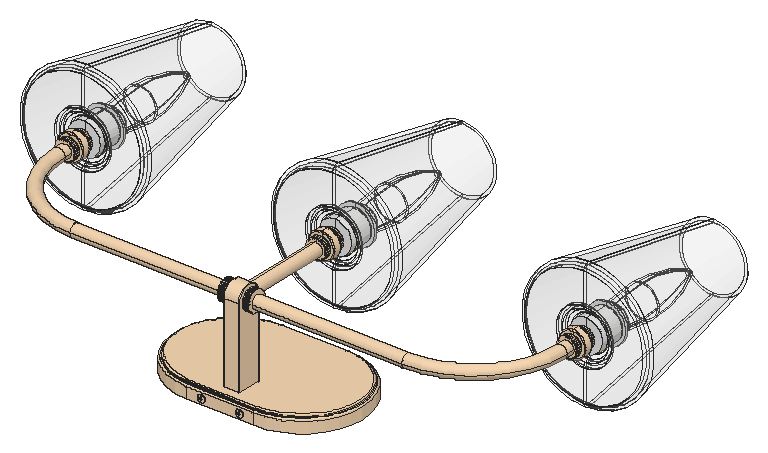
Revit family "Light_Fixture-Wall_Sconce-KOHLER-McGee-K-32257", category Lighting Fixtures, host Face, Revit 2021
Family settings
  Host = Face
  Round Connector Dimension = Use Diameter
  Part Type = Normal
  OmniClass Number = 23.35.47.11
  OmniClass Title = Lighting Fixtures
  Cut with Voids When Loaded = No
  Light Source = Yes
  Shared = No
  Room Calculation Point = No
Parameters (values of type "2GL-Brushed Modern Brass")
  Width = 6 61/256"  # constant formula
  Wattage Comments = "120W"  # constant formula
  Wattage = 40 W
  WaterSense Certified = 1 = 0  # no
  built-in parameter 1150110 = 1 (stored number, unit not read)
  Voltage = 120 V  # constant formula
  URL = "https://www.us.kohler.com/us/"
  Type = 4
  built-in parameter 1114217 = 1 (stored number, unit not read)
  built-in parameter 1150109 = 1 (stored number, unit not read)
  built-in parameter 1150134 = 1
  built-in parameter 1150113 = 1 (stored number, unit not read)
  Product Page URL = "http://www.us.kohler.com/us/catalog/productDetails.jsp?productNumber=32257-SC03"
  Product Name = "McGee"  # constant formula
  Product Documentation Link = "https://www.us.kohler.com/webassets/kpna/catalog/pdf/en/K-32257-SC03_spec_US-CA_Kohler_en.pdf"
  Model = if(Type = 1, "K-32257-SC03-CPL", if(Type = 2, "K-32257-SC03-BNL", if(Type = 3, "K-32257-SC03-BLL", if(Type = 4, "K-32257-SC03-2GL", if(Type = 5, "K-32257-SC03-SNL", "NA")))))  # "K-32257-SC03-2GL"
  Material = "Premium Metal Construction"  # constant formula
  Master Format 2014 Name = "Interior Lighting Fixtures, Lamps, And Ballasts"  # constant formula
  Master Format 2014 = "26 51 13"  # constant formula
  Manufacturer Address = "444 Highland Dr, Kohler, WI 53044"  # constant formula
  Manufacturer = "Kohler Co."  # constant formula
  built-in parameter 1150105 = 63.662 (stored number, unit not read)
  Lumens = 800 lm
  built-in parameter 1150115 = 1 (stored number, unit not read)
  Light Source Symbol Size = 3"  # constant formula
  built-in parameter 1150137 = (empty or 0)
  built-in parameter 1150139 = (empty or 0)
  Length = 24 213/256"  # constant formula
  built-in parameter 1150112 = 1 (stored number, unit not read)
  built-in parameter 1150114 = 1 (stored number, unit not read)
  Lamp = "3*E12 Type B 40W"  # constant formula
  built-in parameter 1150132 = (empty or 0)
  built-in parameter 1150102 = (empty or 0)
  built-in parameter 1150107 = 6500 (stored number, unit not read)
  built-in parameter 1150138 = (empty or 0)
  built-in parameter 1150106 = 0.63662 (stored number, unit not read)
  Height = 11 229/256"  # constant formula
  Hardware Included = 0 = 1  # no
  Finish = KOHLER-Metal-2GL-Brushed_Modern_Brass
  Environmental Product Declaration = ""
  Emit from Line Length = 2"
  Electrical Note = "One Dedicated Cicuit Required"  # constant formula
  Electrical Connector = 1 = 1  # yes
  built-in parameter 1150104 = 1.8581 (stored number, unit not read)
  Dimming Lamp Color Temperature Shift = Incandescent Lamp Curve
  Description = "Cone 3-Light Sconce"  # constant formula
  Default Elevation = 60"
  Declare Label = ""
  Date Modified = "04/10/2023"  # constant formula
  Date Created = "04/10/2023"  # constant formula
  Copyright = "Copyright Kohler Co."  # constant formula
  Contact Us = "https://www.us.kohler.com/us/static/contact.jsp"
  Color Filter = 16777215
  built-in parameter 1114218 = 1 (stored number, unit not read)
  built-in parameter 1150133 = 10 (stored number, unit not read)
  Assembly Code = "D5040.50"
  Apparent Load = 120 VA  # constant formula
  ADA Compliant = 1 = 0  # no
Reference planes (in)
  plane 1 "Center (Front/Back)": y = 0
  plane 2: z = 0
  plane 3 "Center (Left/Right)": x = 0
  plane 4: z = 3.68447
  plane 5: z = 6.23828
  plane 6: z = 1.12797
  plane 7: x = -9.86091
  plane 8: x = 9.86202
  plane 9: y = 3.13383
  plane 10: y = 7.47944
  plane 11: y = 9.51179
  plane 12: x = -12.41603
  plane 13: x = 12.41601
  plane 14: y = -2.38274
  plane 15: y = 2.38189
  plane 16: x = -7.30579
  plane 17: x = 7.30577
  plane 18: y = -1.37795
  plane 19: x = 2.55399
  plane 20: x = -2.55625
  plane 21: x = 3.70155
  plane 22: x = -3.70155
Dimensions and locks (in)
  "Width": level to plane 5
  locked: plane 6 to plane 5 at 5.11031
  level to plane 4 = 3.68447"
  "Height": plane 14 to plane 11
  plane 12 to plane 16 = 5.11024"
  plane 17 to plane 13 = 5.11024"
  plane 9 to plane 11 = 6.37795"
  plane 15 to plane 14 = 4.76463"
  "Length": plane 12 to plane 13
  plane 20 to plane 19 = 5.11024"
  aligned and locked: plane 2 to host face
  aligned and locked: level to host face
  aligned and locked: nested 2 to plane 4
  aligned and locked: imposter light to plane 4
  aligned and locked: nested 1 to plane 3 "Center (Left/Right)"
  aligned and locked: nested 1 to plane 1 "Center (Front/Back)"
  aligned and locked: plane 7 to nested 2
  aligned and locked: nested 3 to plane 8
  aligned and locked: nested 2 to plane 9
  aligned and locked: plane 9 to nested 3
  aligned and locked: imposter light to plane 7
  aligned and locked: imposter light to plane 10
  aligned and locked: plane 4 to nested 1
  aligned and locked: plane 4 to nested 3
  aligned and locked: nested 4 to plane 8
  aligned and locked: nested 4 to plane 4
  aligned and locked: plane 8 to nested 1
  aligned and locked: plane 3 "Center (Left/Right)" to nested 5
  aligned and locked: plane 9 to nested 5
  aligned and locked: plane 3 "Center (Left/Right)" to nested 6
  aligned and locked: plane 10 to nested 5
  aligned and locked: plane 10 to nested 3
  aligned and locked: nested 2 to plane 10
  aligned and locked: plane 10 to imposter light
Automatic sketch dimensions
  host sketch curve to host sketch curve = 96"  (x2)
Nested families (in)
  nested 1: "K-32257_Handle" at (2.25299, -1.37795, 0) x (0, 1, 0) z (0, 0, 1), type "K-32257_Handle"
  nested 2: "K-32257" at (-9.86091, 2.31079, 3.68447), type "K-32257"
  nested 3: "K-32257" at (9.86202, 2.31079, 3.68447) x (-1, 0, 0) z (0, 0, 1), type "K-32257"
  nested 4: "Light_Source" at (9.86202, 6.48195, 3.68447), type "Light_Source"
    with Wattage 40 W, Lumens 800 lm, Light Source Symbol Size 3", Emit from Line Length 2", Color Filter 16777215
  nested 5: "K-32257" at (0, 2.31079, 3.68447) x (-1, 0, 0) z (0, 0, 1), type "K-32257"
  nested 6: "Light_Source" at (0, 6.48195, 3.68447), type "Light_Source"
    with Wattage 40 W, Lumens 800 lm, Light Source Symbol Size 3", Emit from Line Length 2", Color Filter 16777215
Connectors (in)
  electrical at (0, 0, 0), driven by "Voltage", driven by "Apparent Load", driven by "Electrical Connector", driven by "Electrical Note"
    settings: on nested 1, index 1, voltage 120 V, apparent load 120 VA, apparent load phase1 0 VA, apparent load phase2 0 VA, apparent load phase3 0 VA, power factor 1, load classification "Power", number of poles 1, system type 30, power factor state 1, is connector primary yes, connector utility yes, sub classification motor no, connector description "One Dedicated Cicuit Required"
Definition of nested family "K-32257_Handle"
  Parameters (values of type "K-32257_Handle")
    Material = none
    Default Elevation = 0"
  Reference planes (in)
    plane 1 "Center (Front/Back)": y = 0
    plane 2: z = 0
    plane 3 "Center (Left/Right)": x = 0
    plane 4: z = 3.68447
    plane 5 "B": y = 2.25299
    plane 6: x = 1.37795
    plane 7: y = -7.60903
    plane 8 "A": y = 12.1139
    plane 9: x = 4.51179
    plane 10: z = 4.19351
    plane 11: z = 3.17543
    plane 12: z = 0.59091
    plane 13: x = -1.00394
    plane 14: x = 3.75984
    plane 15: y = 12.62687
    plane 16: y = 11.60093
    plane 17: y = -8.122
    plane 18: y = -7.09605
    plane 19: y = 5.95454
    plane 20: y = -1.44855
  Forms (in)
    Sweep 1, solid, material <- "Material", detail levels medium+fine
      path origin (0, 2.55906, 0) x (1, 0, 0) y (0, 1, 0)
        loop
          line (-1.00394, 1.01359) -> (-1.00394, -1.60369)
          arc (-1.00394, -1.60369) -> (1.37795, -3.98558) -> (3.75984, -1.60369) r 2.38189
          line (3.75984, -1.60369) -> (3.75984, 1.01359)
          arc (3.75984, 1.01359) -> (1.37795, 3.39548) -> (-1.00394, 1.01359) r 2.38189
      profile origin (-1.00394, 2.264, 0) x (1, 0, 0) y (0, 0, 1)
        loop
          line (0, 0) -> (0.20928, 0) -> (0.20928, 0.59055) -> (0.16464, 0.59055)
          arc (0.16464, 0.59055) -> (0.13165, 0.57689) -> (0.11799, 0.5439) r 0.04665
          line (0.11799, 0.5439) -> (0.11799, 0.51233)
          arc (0.11799, 0.51233) -> (0.11222, 0.4984) -> (0.09829, 0.49263) r 0.0197
          line (0.09829, 0.49263) -> (0.06081, 0.49263)
          arc (0.06081, 0.49263) -> (0.01781, 0.47482) -> (0, 0.43182) r 0.06081
          line (0, 0.43182) -> (0, 0)
    Extrusion 2, solid, material <- "Material", detail levels medium+fine
      sketch origin (1.37795, 2.26378, 0) x (1, 0, 0) y (0, 1, 0)
        loop
          line (-2.17261, 1.30887) -> (-2.17261, -1.30842)
          arc (-2.17261, -1.30842) -> (0, -3.48103) -> (2.17261, -1.30842) r 2.17261
          line (2.17261, -1.30842) -> (2.17261, 1.30887)
          arc (2.17261, 1.30887) -> (0, 3.48148) -> (-2.17261, 1.30887) r 2.17261
      from 0 to 0.59055
    Revolve 3, solid, material <- "Material", detail levels medium+fine
      sketch origin (0, 0, 0) x (0, 1, 0) y (0, 0, 1)
        loop
          line (2.23713, 4.02857) -> (1.86314, 4.02857) -> (1.86314, 3.68447) -> (2.61111, 3.68447) -> (2.61111, 4.02857) -> (2.23713, 4.02857)
        axis (1.86314, 3.68447) -> (2.61111, 3.68447)
      angle from 0 to 360
    Sweep 4, solid, material <- "Material", detail levels medium+fine
      path origin (0, 0, 0) x (1, 0, 0) y (0, 0, 1)
        loop
          line (-0.49213, 0.47511) -> (-0.49213, 3.6849)
          arc (-0.49213, 3.6849) -> (0, 4.17702) -> (0.49213, 3.6849) r 0.49213
          line (0.49213, 3.6849) -> (0.49213, 0.47511)
      profile origin (-0.49213, 0, 2.08) x (-1, 0, 0) y (0, -1, 0)
        loop
          line (0, -2.51272) -> (0, -1.96154)
          arc (0, -1.96154) -> (-0.00577, -1.94762) -> (-0.01969, -1.94185) r 0.01969
          line (-0.01969, -1.94185) -> (-0.05604, -1.94185) -> (-0.05604, -2.5324) -> (-0.01969, -2.5324)
          arc (-0.01969, -2.5324) -> (-0.00577, -2.52664) -> (0, -2.51272) r 0.01969
    Extrusion 5, solid, material <- "Material", detail levels medium+fine
      sketch origin (0, 0, 0) x (1, 0, 0) y (0, 0, 1)
        loop
          arc (-0.02418, 4.07743) -> (-0.04115, 4.07601) -> (-0.05804, 4.07387) r 0.3937
          line (-0.05804, 4.07387) -> (-0.07452, 4.03505) -> (-0.10536, 4.06381)
          arc (-0.10536, 4.06381) -> (-0.12166, 4.0589) -> (-0.13774, 4.05329) r 0.3937
          line (-0.13774, 4.05329) -> (-0.14578, 4.0119) -> (-0.18192, 4.03362)
          arc (-0.18192, 4.03362) -> (-0.19685, 4.02542) -> (-0.21141, 4.01659) r 0.3937
          line (-0.21141, 4.01659) -> (-0.21067, 3.97443) -> (-0.25054, 3.98816)
          arc (-0.25054, 3.98816) -> (-0.26344, 3.97705) -> (-0.27584, 3.96538) r 0.3937
          line (-0.27584, 3.96538) -> (-0.26636, 3.9243) -> (-0.30821, 3.92944)
          arc (-0.30821, 3.92944) -> (-0.31851, 3.91588) -> (-0.32822, 3.90189) r 0.3937
          line (-0.32822, 3.90189) -> (-0.3104, 3.86368) -> (-0.3524, 3.86)
          arc (-0.3524, 3.86) -> (-0.35966, 3.8446) -> (-0.36625, 3.8289) r 0.3937
          line (-0.36625, 3.8289) -> (-0.34088, 3.79523) -> (-0.3812, 3.7829)
          arc (-0.3812, 3.7829) -> (-0.3851, 3.76632) -> (-0.38828, 3.7496) r 0.3937
          line (-0.38828, 3.7496) -> (-0.35645, 3.72193) -> (-0.39333, 3.70149)
          arc (-0.39333, 3.70149) -> (-0.3937, 3.68447) -> (-0.39333, 3.66745) r 0.3937
          line (-0.39333, 3.66745) -> (-0.35645, 3.647) -> (-0.38828, 3.61934)
          arc (-0.38828, 3.61934) -> (-0.3851, 3.60261) -> (-0.3812, 3.58604) r 0.3937
          line (-0.3812, 3.58604) -> (-0.34088, 3.57371) -> (-0.36625, 3.54004)
          arc (-0.36625, 3.54004) -> (-0.35966, 3.52434) -> (-0.3524, 3.50893) r 0.3937
          line (-0.3524, 3.50893) -> (-0.3104, 3.50526) -> (-0.32822, 3.46705)
          arc (-0.32822, 3.46705) -> (-0.31851, 3.45306) -> (-0.30821, 3.4395) r 0.3937
          line (-0.30821, 3.4395) -> (-0.26636, 3.44464) -> (-0.27584, 3.40356)
          arc (-0.27584, 3.40356) -> (-0.26344, 3.39189) -> (-0.25054, 3.38077) r 0.3937
          line (-0.25054, 3.38077) -> (-0.21067, 3.3945) -> (-0.21141, 3.35234)
          arc (-0.21141, 3.35234) -> (-0.19685, 3.34351) -> (-0.18192, 3.33532) r 0.3937
          line (-0.18192, 3.33532) -> (-0.14578, 3.35704) -> (-0.13774, 3.31565)
          arc (-0.13774, 3.31565) -> (-0.12166, 3.31004) -> (-0.10536, 3.30513) r 0.3937
          line (-0.10536, 3.30513) -> (-0.07452, 3.33388) -> (-0.05804, 3.29507)
          arc (-0.05804, 3.29507) -> (-0.04115, 3.29292) -> (-0.02418, 3.29151) r 0.3937
          line (-0.02418, 3.29151) -> (0, 3.32605) -> (0.02418, 3.29151)
          arc (0.02418, 3.29151) -> (0.04115, 3.29292) -> (0.05804, 3.29507) r 0.3937
          line (0.05804, 3.29507) -> (0.07452, 3.33388) -> (0.10536, 3.30513)
          arc (0.10536, 3.30513) -> (0.12166, 3.31004) -> (0.13774, 3.31565) r 0.3937
          line (0.13774, 3.31565) -> (0.14578, 3.35704) -> (0.18192, 3.33532)
          arc (0.18192, 3.33532) -> (0.19685, 3.34351) -> (0.21141, 3.35234) r 0.3937
          line (0.21141, 3.35234) -> (0.21067, 3.3945) -> (0.25054, 3.38077)
          arc (0.25054, 3.38077) -> (0.26344, 3.39189) -> (0.27584, 3.40356) r 0.3937
          line (0.27584, 3.40356) -> (0.26636, 3.44464) -> (0.30821, 3.4395)
          arc (0.30821, 3.4395) -> (0.31851, 3.45306) -> (0.32822, 3.46705) r 0.3937
          line (0.32822, 3.46705) -> (0.3104, 3.50526) -> (0.3524, 3.50893)
          arc (0.3524, 3.50893) -> (0.35966, 3.52434) -> (0.36625, 3.54004) r 0.3937
          line (0.36625, 3.54004) -> (0.34088, 3.57371) -> (0.3812, 3.58604)
          arc (0.3812, 3.58604) -> (0.3851, 3.60261) -> (0.38828, 3.61934) r 0.3937
          line (0.38828, 3.61934) -> (0.35645, 3.647) -> (0.39333, 3.66745)
          arc (0.39333, 3.66745) -> (0.3937, 3.68447) -> (0.39333, 3.70149) r 0.3937
          line (0.39333, 3.70149) -> (0.35645, 3.72193) -> (0.38828, 3.7496)
          arc (0.38828, 3.7496) -> (0.3851, 3.76632) -> (0.3812, 3.7829) r 0.3937
          line (0.3812, 3.7829) -> (0.34088, 3.79523) -> (0.36625, 3.8289)
          arc (0.36625, 3.8289) -> (0.35966, 3.8446) -> (0.3524, 3.86) r 0.3937
          line (0.3524, 3.86) -> (0.3104, 3.86368) -> (0.32822, 3.90189)
          arc (0.32822, 3.90189) -> (0.31851, 3.91588) -> (0.30821, 3.92944) r 0.3937
          line (0.30821, 3.92944) -> (0.26636, 3.9243) -> (0.27584, 3.96538)
          arc (0.27584, 3.96538) -> (0.26344, 3.97705) -> (0.25054, 3.98816) r 0.3937
          line (0.25054, 3.98816) -> (0.21067, 3.97443) -> (0.21141, 4.01659)
          arc (0.21141, 4.01659) -> (0.19685, 4.02542) -> (0.18192, 4.03362) r 0.3937
          line (0.18192, 4.03362) -> (0.14578, 4.0119) -> (0.13774, 4.05329)
          arc (0.13774, 4.05329) -> (0.12166, 4.0589) -> (0.10536, 4.06381) r 0.3937
          line (0.10536, 4.06381) -> (0.07452, 4.03505) -> (0.05804, 4.07387)
          arc (0.05804, 4.07387) -> (0.04115, 4.07601) -> (0.02418, 4.07743) r 0.3937
          line (0.02418, 4.07743) -> (0, 4.04289) -> (-0.02418, 4.07743)
      from -1.64585 to -1.8816
    Extrusion 6, solid, material <- "Material", detail levels medium+fine
      sketch origin (0, 0, 0) x (1, 0, 0) y (0, 0, 1)
        loop
          arc (-0.02418, 4.07743) -> (-0.04115, 4.07601) -> (-0.05804, 4.07387) r 0.3937
          line (-0.05804, 4.07387) -> (-0.07452, 4.03505) -> (-0.10536, 4.06381)
          arc (-0.10536, 4.06381) -> (-0.12166, 4.0589) -> (-0.13774, 4.05329) r 0.3937
          line (-0.13774, 4.05329) -> (-0.14578, 4.0119) -> (-0.18192, 4.03362)
          arc (-0.18192, 4.03362) -> (-0.19685, 4.02542) -> (-0.21141, 4.01659) r 0.3937
          line (-0.21141, 4.01659) -> (-0.21067, 3.97443) -> (-0.25054, 3.98816)
          arc (-0.25054, 3.98816) -> (-0.26344, 3.97705) -> (-0.27584, 3.96538) r 0.3937
          line (-0.27584, 3.96538) -> (-0.26636, 3.9243) -> (-0.30821, 3.92944)
          arc (-0.30821, 3.92944) -> (-0.31851, 3.91588) -> (-0.32822, 3.90189) r 0.3937
          line (-0.32822, 3.90189) -> (-0.3104, 3.86368) -> (-0.3524, 3.86)
          arc (-0.3524, 3.86) -> (-0.35966, 3.8446) -> (-0.36625, 3.8289) r 0.3937
          line (-0.36625, 3.8289) -> (-0.34088, 3.79523) -> (-0.3812, 3.7829)
          arc (-0.3812, 3.7829) -> (-0.3851, 3.76632) -> (-0.38828, 3.7496) r 0.3937
          line (-0.38828, 3.7496) -> (-0.35645, 3.72193) -> (-0.39333, 3.70149)
          arc (-0.39333, 3.70149) -> (-0.3937, 3.68447) -> (-0.39333, 3.66745) r 0.3937
          line (-0.39333, 3.66745) -> (-0.35645, 3.647) -> (-0.38828, 3.61934)
          arc (-0.38828, 3.61934) -> (-0.3851, 3.60261) -> (-0.3812, 3.58604) r 0.3937
          line (-0.3812, 3.58604) -> (-0.34088, 3.57371) -> (-0.36625, 3.54004)
          arc (-0.36625, 3.54004) -> (-0.35966, 3.52434) -> (-0.3524, 3.50893) r 0.3937
          line (-0.3524, 3.50893) -> (-0.3104, 3.50526) -> (-0.32822, 3.46705)
          arc (-0.32822, 3.46705) -> (-0.31851, 3.45306) -> (-0.30821, 3.4395) r 0.3937
          line (-0.30821, 3.4395) -> (-0.26636, 3.44464) -> (-0.27584, 3.40356)
          arc (-0.27584, 3.40356) -> (-0.26344, 3.39189) -> (-0.25054, 3.38077) r 0.3937
          line (-0.25054, 3.38077) -> (-0.21067, 3.3945) -> (-0.21141, 3.35234)
          arc (-0.21141, 3.35234) -> (-0.19685, 3.34351) -> (-0.18192, 3.33532) r 0.3937
          line (-0.18192, 3.33532) -> (-0.14578, 3.35704) -> (-0.13774, 3.31565)
          arc (-0.13774, 3.31565) -> (-0.12166, 3.31004) -> (-0.10536, 3.30513) r 0.3937
          line (-0.10536, 3.30513) -> (-0.07452, 3.33388) -> (-0.05804, 3.29507)
          arc (-0.05804, 3.29507) -> (-0.04115, 3.29292) -> (-0.02418, 3.29151) r 0.3937
          line (-0.02418, 3.29151) -> (0, 3.32605) -> (0.02418, 3.29151)
          arc (0.02418, 3.29151) -> (0.04115, 3.29292) -> (0.05804, 3.29507) r 0.3937
          line (0.05804, 3.29507) -> (0.07452, 3.33388) -> (0.10536, 3.30513)
          arc (0.10536, 3.30513) -> (0.12166, 3.31004) -> (0.13774, 3.31565) r 0.3937
          line (0.13774, 3.31565) -> (0.14578, 3.35704) -> (0.18192, 3.33532)
          arc (0.18192, 3.33532) -> (0.19685, 3.34351) -> (0.21141, 3.35234) r 0.3937
          line (0.21141, 3.35234) -> (0.21067, 3.3945) -> (0.25054, 3.38077)
          arc (0.25054, 3.38077) -> (0.26344, 3.39189) -> (0.27584, 3.40356) r 0.3937
          line (0.27584, 3.40356) -> (0.26636, 3.44464) -> (0.30821, 3.4395)
          arc (0.30821, 3.4395) -> (0.31851, 3.45306) -> (0.32822, 3.46705) r 0.3937
          line (0.32822, 3.46705) -> (0.3104, 3.50526) -> (0.3524, 3.50893)
          arc (0.3524, 3.50893) -> (0.35966, 3.52434) -> (0.36625, 3.54004) r 0.3937
          line (0.36625, 3.54004) -> (0.34088, 3.57371) -> (0.3812, 3.58604)
          arc (0.3812, 3.58604) -> (0.3851, 3.60261) -> (0.38828, 3.61934) r 0.3937
          line (0.38828, 3.61934) -> (0.35645, 3.647) -> (0.39333, 3.66745)
          arc (0.39333, 3.66745) -> (0.3937, 3.68447) -> (0.39333, 3.70149) r 0.3937
          line (0.39333, 3.70149) -> (0.35645, 3.72193) -> (0.38828, 3.7496)
          arc (0.38828, 3.7496) -> (0.3851, 3.76632) -> (0.3812, 3.7829) r 0.3937
          line (0.3812, 3.7829) -> (0.34088, 3.79523) -> (0.36625, 3.8289)
          arc (0.36625, 3.8289) -> (0.35966, 3.8446) -> (0.3524, 3.86) r 0.3937
          line (0.3524, 3.86) -> (0.3104, 3.86368) -> (0.32822, 3.90189)
          arc (0.32822, 3.90189) -> (0.31851, 3.91588) -> (0.30821, 3.92944) r 0.3937
          line (0.30821, 3.92944) -> (0.26636, 3.9243) -> (0.27584, 3.96538)
          arc (0.27584, 3.96538) -> (0.26344, 3.97705) -> (0.25054, 3.98816) r 0.3937
          line (0.25054, 3.98816) -> (0.21067, 3.97443) -> (0.21141, 4.01659)
          arc (0.21141, 4.01659) -> (0.19685, 4.02542) -> (0.18192, 4.03362) r 0.3937
          line (0.18192, 4.03362) -> (0.14578, 4.0119) -> (0.13774, 4.05329)
          arc (0.13774, 4.05329) -> (0.12166, 4.0589) -> (0.10536, 4.06381) r 0.3937
          line (0.10536, 4.06381) -> (0.07452, 4.03505) -> (0.05804, 4.07387)
          arc (0.05804, 4.07387) -> (0.04115, 4.07601) -> (0.02418, 4.07743) r 0.3937
          line (0.02418, 4.07743) -> (0, 4.04289) -> (-0.02418, 4.07743)
      from -2.62956 to -2.86582
    Extrusion 7, void
      sketch origin (0.59055, 2.21457, 0) x (0, -1, 0) y (0, 0, 1)
        loop
          circle (-0.7874, 0.21654) r 0.15748
        loop
          circle (-0.7874, 0.21654) r 0.13835
        loop
          line (-0.80822, 0.29635) -> (-0.80822, 0.23551) -> (-0.86827, 0.23551) -> (-0.86827, 0.19679) -> (-0.80822, 0.19679) -> (-0.80822, 0.13674) -> (-0.76555, 0.13674) -> (-0.76555, 0.19679) -> (-0.71024, 0.19679) -> (-0.71024, 0.23551) -> (-0.76555, 0.23551) -> (-0.76555, 0.29635) -> (-0.80822, 0.29635)
      from 1.38521 to 1.77165
    Extrusion 8, solid, material <- "Material", detail levels medium+fine
      sketch origin (0, 0, 0) x (1, 0, 0) y (0, 1, 0)
        loop
          circle (1.37795, 2.25299) r 0.19685
      from 0 to 0.19685
    Extrusion 9, void
      sketch origin (0.59055, 2.29142, 0) x (0, 1, 0) y (0, 0, -1)
        loop
          circle (-0.7874, -0.21654) r 0.15748
        loop
          circle (-0.7874, -0.21654) r 0.13835
        loop
          line (-0.80822, -0.29635) -> (-0.76555, -0.29635) -> (-0.76555, -0.23551) -> (-0.71024, -0.23551) -> (-0.71024, -0.19679) -> (-0.76555, -0.19679) -> (-0.76555, -0.13674) -> (-0.80822, -0.13674) -> (-0.80822, -0.19679) -> (-0.86827, -0.19679) -> (-0.86827, -0.23551) -> (-0.80822, -0.23551) -> (-0.80822, -0.29635)
      from 1.38521 to 1.77165
    Extrusion 10, void
      sketch origin (2.16535, 2.21457, 0) x (0, -1, 0) y (0, 0, -1)
        loop
          circle (-0.7874, -0.21654) r 0.15748
        loop
          circle (-0.7874, -0.21654) r 0.13835
        loop
          line (-0.80822, -0.29635) -> (-0.76555, -0.29635) -> (-0.76555, -0.23551) -> (-0.71024, -0.23551) -> (-0.71024, -0.19679) -> (-0.76555, -0.19679) -> (-0.76555, -0.13674) -> (-0.80822, -0.13674) -> (-0.80822, -0.19679) -> (-0.86827, -0.19679) -> (-0.86827, -0.23551) -> (-0.80822, -0.23551) -> (-0.80822, -0.29635)
      from 1.38521 to 1.77165
    Extrusion 11, void
      sketch origin (2.16535, 2.29142, 0) x (0, 1, 0) y (0, 0, 1)
        loop
          circle (-0.7874, 0.21654) r 0.15748
        loop
          circle (-0.7874, 0.21654) r 0.13835
        loop
          line (-0.80822, 0.29635) -> (-0.80822, 0.23551) -> (-0.86827, 0.23551) -> (-0.86827, 0.19679) -> (-0.80822, 0.19679) -> (-0.80822, 0.13674) -> (-0.76555, 0.13674) -> (-0.76555, 0.19679) -> (-0.71024, 0.19679) -> (-0.71024, 0.23551) -> (-0.76555, 0.23551) -> (-0.76555, 0.29635) -> (-0.80822, 0.29635)
      from 1.38521 to 1.77165
    Sweep 12, solid, material <- "Material", detail levels medium+fine
      path origin (0, 0, 0) x (1, 0, 0) y (0, 1, 0)
        loop
          line (4.50897, 12.1139) -> (3.34646, 12.1139)
          arc (3.34646, 12.1139) -> (0.98015, 11.13375) -> (0, 8.76744) r 3.34646
          line (0, 8.76744) -> (0, -4.26257)
          arc (0, -4.26257) -> (0.98015, -6.62887) -> (3.34646, -7.60903) r 3.34646
          line (3.34646, -7.60903) -> (4.50897, -7.60903)
      profile origin (3.92771, 12.1139, 0) x (0, -1, 0) y (0, 0, 1)
        loop
          circle (0, 3.6811) r 0.24744
    Revolve 13, solid, material <- "Material", detail levels medium+fine
      sketch origin (0, 12.1139, 0) x (1, 0, 0) y (0, 0, 1)
        loop
          line (4.33025, 3.6811) -> (4.33025, 4.02551) -> (4.25138, 4.02551) -> (4.25138, 4.17286)
          arc (4.25138, 4.17286) -> (4.24533, 4.18746) -> (4.23073, 4.19351) r 0.02065
          line (4.23073, 4.19351) -> (3.95877, 4.19351)
          arc (3.95877, 4.19351) -> (3.94379, 4.18731) -> (3.93758, 4.17233) r 0.02118
          line (3.93758, 4.17233) -> (3.93758, 4.02551) -> (3.85884, 4.02551) -> (3.85884, 3.6811) -> (4.33025, 3.6811)
        axis (3.85884, 3.6811) -> (4.33025, 3.6811)
      angle from 0 to 360
    Extrusion 14, solid, material <- "Material", detail levels medium+fine
      sketch origin (0, 4.84095, 0) x (0, 1, 0) y (0, 0, 1)
        loop
          arc (7.66598, 3.70529) -> (7.66457, 3.72226) -> (7.66242, 3.73915) r 0.3937
          line (7.66242, 3.73915) -> (7.62361, 3.75562) -> (7.65236, 3.78646)
          arc (7.65236, 3.78646) -> (7.64745, 3.80276) -> (7.64184, 3.81884) r 0.3937
          line (7.64184, 3.81884) -> (7.60045, 3.82688) -> (7.62217, 3.86303)
          arc (7.62217, 3.86303) -> (7.61398, 3.87795) -> (7.60515, 3.89251) r 0.3937
          line (7.60515, 3.89251) -> (7.56299, 3.89177) -> (7.57672, 3.93164)
          arc (7.57672, 3.93164) -> (7.5656, 3.94454) -> (7.55394, 3.95694) r 0.3937
          line (7.55394, 3.95694) -> (7.51285, 3.94746) -> (7.51799, 3.98931)
          arc (7.51799, 3.98931) -> (7.50443, 3.99961) -> (7.49045, 4.00932) r 0.3937
          line (7.49045, 4.00932) -> (7.45223, 3.9915) -> (7.44856, 4.03351)
          arc (7.44856, 4.03351) -> (7.43316, 4.04077) -> (7.41745, 4.04735) r 0.3937
          line (7.41745, 4.04735) -> (7.38378, 4.02198) -> (7.37145, 4.0623)
          arc (7.37145, 4.0623) -> (7.35488, 4.0662) -> (7.33815, 4.06938) r 0.3937
          line (7.33815, 4.06938) -> (7.31049, 4.03756) -> (7.29005, 4.07443)
          arc (7.29005, 4.07443) -> (7.27302, 4.0748) -> (7.256, 4.07443) r 0.3937
          line (7.256, 4.07443) -> (7.23556, 4.03756) -> (7.2079, 4.06938)
          arc (7.2079, 4.06938) -> (7.19117, 4.0662) -> (7.17459, 4.0623) r 0.3937
          line (7.17459, 4.0623) -> (7.16227, 4.02198) -> (7.12859, 4.04735)
          arc (7.12859, 4.04735) -> (7.11289, 4.04077) -> (7.09749, 4.03351) r 0.3937
          line (7.09749, 4.03351) -> (7.09381, 3.9915) -> (7.0556, 4.00932)
          arc (7.0556, 4.00932) -> (7.04161, 3.99961) -> (7.02806, 3.98931) r 0.3937
          line (7.02806, 3.98931) -> (7.03319, 3.94746) -> (6.99211, 3.95694)
          arc (6.99211, 3.95694) -> (6.98045, 3.94454) -> (6.96933, 3.93164) r 0.3937
          line (6.96933, 3.93164) -> (6.98306, 3.89177) -> (6.9409, 3.89251)
          arc (6.9409, 3.89251) -> (6.93207, 3.87795) -> (6.92388, 3.86303) r 0.3937
          line (6.92388, 3.86303) -> (6.94559, 3.82688) -> (6.9042, 3.81884)
          arc (6.9042, 3.81884) -> (6.89859, 3.80276) -> (6.89368, 3.78646) r 0.3937
          line (6.89368, 3.78646) -> (6.92244, 3.75562) -> (6.88362, 3.73915)
          arc (6.88362, 3.73915) -> (6.88148, 3.72226) -> (6.88007, 3.70529) r 0.3937
          line (6.88007, 3.70529) -> (6.91461, 3.6811) -> (6.88007, 3.65692)
          arc (6.88007, 3.65692) -> (6.88148, 3.63995) -> (6.88362, 3.62306) r 0.3937
          line (6.88362, 3.62306) -> (6.92244, 3.60658) -> (6.89368, 3.57575)
          arc (6.89368, 3.57575) -> (6.89859, 3.55944) -> (6.9042, 3.54337) r 0.3937
          line (6.9042, 3.54337) -> (6.94559, 3.53532) -> (6.92388, 3.49918)
          arc (6.92388, 3.49918) -> (6.93207, 3.48425) -> (6.9409, 3.46969) r 0.3937
          line (6.9409, 3.46969) -> (6.98306, 3.47043) -> (6.96933, 3.43056)
          arc (6.96933, 3.43056) -> (6.98045, 3.41767) -> (6.99211, 3.40526) r 0.3937
          line (6.99211, 3.40526) -> (7.03319, 3.41475) -> (7.02806, 3.3729)
          arc (7.02806, 3.3729) -> (7.04161, 3.36259) -> (7.0556, 3.35288) r 0.3937
          line (7.0556, 3.35288) -> (7.09381, 3.3707) -> (7.09749, 3.3287)
          arc (7.09749, 3.3287) -> (7.11289, 3.32144) -> (7.12859, 3.31485) r 0.3937
          line (7.12859, 3.31485) -> (7.16227, 3.34023) -> (7.17459, 3.2999)
          arc (7.17459, 3.2999) -> (7.19117, 3.296) -> (7.2079, 3.29283) r 0.3937
          line (7.2079, 3.29283) -> (7.23556, 3.32465) -> (7.256, 3.28777)
          arc (7.256, 3.28777) -> (7.27302, 3.2874) -> (7.29005, 3.28777) r 0.3937
          line (7.29005, 3.28777) -> (7.31049, 3.32465) -> (7.33815, 3.29283)
          arc (7.33815, 3.29283) -> (7.35488, 3.296) -> (7.37145, 3.2999) r 0.3937
          line (7.37145, 3.2999) -> (7.38378, 3.34023) -> (7.41745, 3.31485)
          arc (7.41745, 3.31485) -> (7.43316, 3.32144) -> (7.44856, 3.3287) r 0.3937
          line (7.44856, 3.3287) -> (7.45223, 3.3707) -> (7.49045, 3.35288)
          arc (7.49045, 3.35288) -> (7.50443, 3.36259) -> (7.51799, 3.3729) r 0.3937
          line (7.51799, 3.3729) -> (7.51285, 3.41475) -> (7.55394, 3.40526)
          arc (7.55394, 3.40526) -> (7.5656, 3.41767) -> (7.57672, 3.43056) r 0.3937
          line (7.57672, 3.43056) -> (7.56299, 3.47043) -> (7.60515, 3.46969)
          arc (7.60515, 3.46969) -> (7.61398, 3.48425) -> (7.62217, 3.49918) r 0.3937
          line (7.62217, 3.49918) -> (7.60045, 3.53532) -> (7.64184, 3.54337)
          arc (7.64184, 3.54337) -> (7.64745, 3.55944) -> (7.65236, 3.57575) r 0.3937
          line (7.65236, 3.57575) -> (7.62361, 3.60658) -> (7.66242, 3.62306)
          arc (7.66242, 3.62306) -> (7.66457, 3.63995) -> (7.66598, 3.65692) r 0.3937
          line (7.66598, 3.65692) -> (7.63144, 3.6811) -> (7.66598, 3.70529)
      from 4.33025 to 4.51179
    Extrusion 15, solid, material <- "Material", detail levels medium+fine
      sketch origin (0, 4.84095, 0) x (0, 1, 0) y (0, 0, 1)
        loop
          arc (7.66598, 3.70529) -> (7.66457, 3.72226) -> (7.66242, 3.73915) r 0.3937
          line (7.66242, 3.73915) -> (7.62361, 3.75562) -> (7.65236, 3.78646)
          arc (7.65236, 3.78646) -> (7.64745, 3.80276) -> (7.64184, 3.81884) r 0.3937
          line (7.64184, 3.81884) -> (7.60045, 3.82688) -> (7.62217, 3.86303)
          arc (7.62217, 3.86303) -> (7.61398, 3.87795) -> (7.60515, 3.89251) r 0.3937
          line (7.60515, 3.89251) -> (7.56299, 3.89177) -> (7.57672, 3.93164)
          arc (7.57672, 3.93164) -> (7.5656, 3.94454) -> (7.55394, 3.95694) r 0.3937
          line (7.55394, 3.95694) -> (7.51285, 3.94746) -> (7.51799, 3.98931)
          arc (7.51799, 3.98931) -> (7.50443, 3.99961) -> (7.49045, 4.00932) r 0.3937
          line (7.49045, 4.00932) -> (7.45223, 3.9915) -> (7.44856, 4.03351)
          arc (7.44856, 4.03351) -> (7.43316, 4.04077) -> (7.41745, 4.04735) r 0.3937
          line (7.41745, 4.04735) -> (7.38378, 4.02198) -> (7.37145, 4.0623)
          arc (7.37145, 4.0623) -> (7.35488, 4.0662) -> (7.33815, 4.06938) r 0.3937
          line (7.33815, 4.06938) -> (7.31049, 4.03756) -> (7.29005, 4.07443)
          arc (7.29005, 4.07443) -> (7.27302, 4.0748) -> (7.256, 4.07443) r 0.3937
          line (7.256, 4.07443) -> (7.23556, 4.03756) -> (7.2079, 4.06938)
          arc (7.2079, 4.06938) -> (7.19117, 4.0662) -> (7.17459, 4.0623) r 0.3937
          line (7.17459, 4.0623) -> (7.16227, 4.02198) -> (7.12859, 4.04735)
          arc (7.12859, 4.04735) -> (7.11289, 4.04077) -> (7.09749, 4.03351) r 0.3937
          line (7.09749, 4.03351) -> (7.09381, 3.9915) -> (7.0556, 4.00932)
          arc (7.0556, 4.00932) -> (7.04161, 3.99961) -> (7.02806, 3.98931) r 0.3937
          line (7.02806, 3.98931) -> (7.03319, 3.94746) -> (6.99211, 3.95694)
          arc (6.99211, 3.95694) -> (6.98045, 3.94454) -> (6.96933, 3.93164) r 0.3937
          line (6.96933, 3.93164) -> (6.98306, 3.89177) -> (6.9409, 3.89251)
          arc (6.9409, 3.89251) -> (6.93207, 3.87795) -> (6.92388, 3.86303) r 0.3937
          line (6.92388, 3.86303) -> (6.94559, 3.82688) -> (6.9042, 3.81884)
          arc (6.9042, 3.81884) -> (6.89859, 3.80276) -> (6.89368, 3.78646) r 0.3937
          line (6.89368, 3.78646) -> (6.92244, 3.75562) -> (6.88362, 3.73915)
          arc (6.88362, 3.73915) -> (6.88148, 3.72226) -> (6.88007, 3.70529) r 0.3937
          line (6.88007, 3.70529) -> (6.91461, 3.6811) -> (6.88007, 3.65692)
          arc (6.88007, 3.65692) -> (6.88148, 3.63995) -> (6.88362, 3.62306) r 0.3937
          line (6.88362, 3.62306) -> (6.92244, 3.60658) -> (6.89368, 3.57575)
          arc (6.89368, 3.57575) -> (6.89859, 3.55944) -> (6.9042, 3.54337) r 0.3937
          line (6.9042, 3.54337) -> (6.94559, 3.53532) -> (6.92388, 3.49918)
          arc (6.92388, 3.49918) -> (6.93207, 3.48425) -> (6.9409, 3.46969) r 0.3937
          line (6.9409, 3.46969) -> (6.98306, 3.47043) -> (6.96933, 3.43056)
          arc (6.96933, 3.43056) -> (6.98045, 3.41767) -> (6.99211, 3.40526) r 0.3937
          line (6.99211, 3.40526) -> (7.03319, 3.41475) -> (7.02806, 3.3729)
          arc (7.02806, 3.3729) -> (7.04161, 3.36259) -> (7.0556, 3.35288) r 0.3937
          line (7.0556, 3.35288) -> (7.09381, 3.3707) -> (7.09749, 3.3287)
          arc (7.09749, 3.3287) -> (7.11289, 3.32144) -> (7.12859, 3.31485) r 0.3937
          line (7.12859, 3.31485) -> (7.16227, 3.34023) -> (7.17459, 3.2999)
          arc (7.17459, 3.2999) -> (7.19117, 3.296) -> (7.2079, 3.29283) r 0.3937
          line (7.2079, 3.29283) -> (7.23556, 3.32465) -> (7.256, 3.28777)
          arc (7.256, 3.28777) -> (7.27302, 3.2874) -> (7.29005, 3.28777) r 0.3937
          line (7.29005, 3.28777) -> (7.31049, 3.32465) -> (7.33815, 3.29283)
          arc (7.33815, 3.29283) -> (7.35488, 3.296) -> (7.37145, 3.2999) r 0.3937
          line (7.37145, 3.2999) -> (7.38378, 3.34023) -> (7.41745, 3.31485)
          arc (7.41745, 3.31485) -> (7.43316, 3.32144) -> (7.44856, 3.3287) r 0.3937
          line (7.44856, 3.3287) -> (7.45223, 3.3707) -> (7.49045, 3.35288)
          arc (7.49045, 3.35288) -> (7.50443, 3.36259) -> (7.51799, 3.3729) r 0.3937
          line (7.51799, 3.3729) -> (7.51285, 3.41475) -> (7.55394, 3.40526)
          arc (7.55394, 3.40526) -> (7.5656, 3.41767) -> (7.57672, 3.43056) r 0.3937
          line (7.57672, 3.43056) -> (7.56299, 3.47043) -> (7.60515, 3.46969)
          arc (7.60515, 3.46969) -> (7.61398, 3.48425) -> (7.62217, 3.49918) r 0.3937
          line (7.62217, 3.49918) -> (7.60045, 3.53532) -> (7.64184, 3.54337)
          arc (7.64184, 3.54337) -> (7.64745, 3.55944) -> (7.65236, 3.57575) r 0.3937
          line (7.65236, 3.57575) -> (7.62361, 3.60658) -> (7.66242, 3.62306)
          arc (7.66242, 3.62306) -> (7.66457, 3.63995) -> (7.66598, 3.65692) r 0.3937
          line (7.66598, 3.65692) -> (7.63144, 3.6811) -> (7.66598, 3.70529)
      from 3.85884 to 3.67753
    Revolve 16, solid, material <- "Material", detail levels medium+fine
      sketch origin (0, -7.60903, 0) x (1, 0, 0) y (0, 0, 1)
        loop
          line (4.33025, 3.6811) -> (4.33025, 4.02551) -> (4.25138, 4.02551) -> (4.25138, 4.17286)
          arc (4.25138, 4.17286) -> (4.24533, 4.18746) -> (4.23073, 4.19351) r 0.02065
          line (4.23073, 4.19351) -> (3.95877, 4.19351)
          arc (3.95877, 4.19351) -> (3.94379, 4.18731) -> (3.93758, 4.17233) r 0.02118
          line (3.93758, 4.17233) -> (3.93758, 4.02551) -> (3.85884, 4.02551) -> (3.85884, 3.6811) -> (4.33025, 3.6811)
        axis (3.85884, 3.6811) -> (4.33025, 3.6811)
      angle from 0 to 360
    Extrusion 17, solid, material <- "Material", detail levels medium+fine
      sketch origin (0, -0.336, 0) x (0, -1, 0) y (0, 0, -1)
        loop
          line (7.66598, -3.70529) -> (7.63144, -3.6811) -> (7.66598, -3.65692)
          arc (7.66598, -3.65692) -> (7.66457, -3.63995) -> (7.66242, -3.62306) r 0.3937
          line (7.66242, -3.62306) -> (7.62361, -3.60658) -> (7.65236, -3.57575)
          arc (7.65236, -3.57575) -> (7.64745, -3.55944) -> (7.64184, -3.54337) r 0.3937
          line (7.64184, -3.54337) -> (7.60045, -3.53532) -> (7.62217, -3.49918)
          arc (7.62217, -3.49918) -> (7.61398, -3.48425) -> (7.60515, -3.46969) r 0.3937
          line (7.60515, -3.46969) -> (7.56299, -3.47043) -> (7.57672, -3.43056)
          arc (7.57672, -3.43056) -> (7.5656, -3.41767) -> (7.55394, -3.40526) r 0.3937
          line (7.55394, -3.40526) -> (7.51285, -3.41475) -> (7.51799, -3.3729)
          arc (7.51799, -3.3729) -> (7.50443, -3.36259) -> (7.49045, -3.35288) r 0.3937
          line (7.49045, -3.35288) -> (7.45223, -3.3707) -> (7.44856, -3.3287)
          arc (7.44856, -3.3287) -> (7.43316, -3.32144) -> (7.41745, -3.31485) r 0.3937
          line (7.41745, -3.31485) -> (7.38378, -3.34023) -> (7.37145, -3.2999)
          arc (7.37145, -3.2999) -> (7.35488, -3.296) -> (7.33815, -3.29283) r 0.3937
          line (7.33815, -3.29283) -> (7.31049, -3.32465) -> (7.29005, -3.28777)
          arc (7.29005, -3.28777) -> (7.27302, -3.2874) -> (7.256, -3.28777) r 0.3937
          line (7.256, -3.28777) -> (7.23556, -3.32465) -> (7.2079, -3.29283)
          arc (7.2079, -3.29283) -> (7.19117, -3.296) -> (7.17459, -3.2999) r 0.3937
          line (7.17459, -3.2999) -> (7.16227, -3.34023) -> (7.12859, -3.31485)
          arc (7.12859, -3.31485) -> (7.11289, -3.32144) -> (7.09749, -3.3287) r 0.3937
          line (7.09749, -3.3287) -> (7.09381, -3.3707) -> (7.0556, -3.35288)
          arc (7.0556, -3.35288) -> (7.04161, -3.36259) -> (7.02806, -3.3729) r 0.3937
          line (7.02806, -3.3729) -> (7.03319, -3.41475) -> (6.99211, -3.40526)
          arc (6.99211, -3.40526) -> (6.98045, -3.41767) -> (6.96933, -3.43056) r 0.3937
          line (6.96933, -3.43056) -> (6.98306, -3.47043) -> (6.9409, -3.46969)
          arc (6.9409, -3.46969) -> (6.93207, -3.48425) -> (6.92388, -3.49918) r 0.3937
          line (6.92388, -3.49918) -> (6.94559, -3.53532) -> (6.9042, -3.54337)
          arc (6.9042, -3.54337) -> (6.89859, -3.55944) -> (6.89368, -3.57575) r 0.3937
          line (6.89368, -3.57575) -> (6.92244, -3.60658) -> (6.88362, -3.62306)
          arc (6.88362, -3.62306) -> (6.88148, -3.63995) -> (6.88007, -3.65692) r 0.3937
          line (6.88007, -3.65692) -> (6.91461, -3.6811) -> (6.88007, -3.70529)
          arc (6.88007, -3.70529) -> (6.88148, -3.72226) -> (6.88362, -3.73915) r 0.3937
          line (6.88362, -3.73915) -> (6.92244, -3.75562) -> (6.89368, -3.78646)
          arc (6.89368, -3.78646) -> (6.89859, -3.80276) -> (6.9042, -3.81884) r 0.3937
          line (6.9042, -3.81884) -> (6.94559, -3.82688) -> (6.92388, -3.86303)
          arc (6.92388, -3.86303) -> (6.93207, -3.87795) -> (6.9409, -3.89251) r 0.3937
          line (6.9409, -3.89251) -> (6.98306, -3.89177) -> (6.96933, -3.93164)
          arc (6.96933, -3.93164) -> (6.98045, -3.94454) -> (6.99211, -3.95694) r 0.3937
          line (6.99211, -3.95694) -> (7.03319, -3.94746) -> (7.02806, -3.98931)
          arc (7.02806, -3.98931) -> (7.04161, -3.99961) -> (7.0556, -4.00932) r 0.3937
          line (7.0556, -4.00932) -> (7.09381, -3.9915) -> (7.09749, -4.03351)
          arc (7.09749, -4.03351) -> (7.11289, -4.04077) -> (7.12859, -4.04735) r 0.3937
          line (7.12859, -4.04735) -> (7.16227, -4.02198) -> (7.17459, -4.0623)
          arc (7.17459, -4.0623) -> (7.19117, -4.0662) -> (7.2079, -4.06938) r 0.3937
          line (7.2079, -4.06938) -> (7.23556, -4.03756) -> (7.256, -4.07443)
          arc (7.256, -4.07443) -> (7.27302, -4.0748) -> (7.29005, -4.07443) r 0.3937
          line (7.29005, -4.07443) -> (7.31049, -4.03756) -> (7.33815, -4.06938)
          arc (7.33815, -4.06938) -> (7.35488, -4.0662) -> (7.37145, -4.0623) r 0.3937
          line (7.37145, -4.0623) -> (7.38378, -4.02198) -> (7.41745, -4.04735)
          arc (7.41745, -4.04735) -> (7.43316, -4.04077) -> (7.44856, -4.03351) r 0.3937
          line (7.44856, -4.03351) -> (7.45223, -3.9915) -> (7.49045, -4.00932)
          arc (7.49045, -4.00932) -> (7.50443, -3.99961) -> (7.51799, -3.98931) r 0.3937
          line (7.51799, -3.98931) -> (7.51285, -3.94746) -> (7.55394, -3.95694)
          arc (7.55394, -3.95694) -> (7.5656, -3.94454) -> (7.57672, -3.93164) r 0.3937
          line (7.57672, -3.93164) -> (7.56299, -3.89177) -> (7.60515, -3.89251)
          arc (7.60515, -3.89251) -> (7.61398, -3.87795) -> (7.62217, -3.86303) r 0.3937
          line (7.62217, -3.86303) -> (7.60045, -3.82688) -> (7.64184, -3.81884)
          arc (7.64184, -3.81884) -> (7.64745, -3.80276) -> (7.65236, -3.78646) r 0.3937
          line (7.65236, -3.78646) -> (7.62361, -3.75562) -> (7.66242, -3.73915)
          arc (7.66242, -3.73915) -> (7.66457, -3.72226) -> (7.66598, -3.70529) r 0.3937
      from 4.33025 to 4.51179
    Extrusion 18, solid, material <- "Material", detail levels medium+fine
      sketch origin (0, -0.336, 0) x (0, -1, 0) y (0, 0, -1)
        loop
          line (7.66598, -3.70529) -> (7.63144, -3.6811) -> (7.66598, -3.65692)
          arc (7.66598, -3.65692) -> (7.66457, -3.63995) -> (7.66242, -3.62306) r 0.3937
          line (7.66242, -3.62306) -> (7.62361, -3.60658) -> (7.65236, -3.57575)
          arc (7.65236, -3.57575) -> (7.64745, -3.55944) -> (7.64184, -3.54337) r 0.3937
          line (7.64184, -3.54337) -> (7.60045, -3.53532) -> (7.62217, -3.49918)
          arc (7.62217, -3.49918) -> (7.61398, -3.48425) -> (7.60515, -3.46969) r 0.3937
          line (7.60515, -3.46969) -> (7.56299, -3.47043) -> (7.57672, -3.43056)
          arc (7.57672, -3.43056) -> (7.5656, -3.41767) -> (7.55394, -3.40526) r 0.3937
          line (7.55394, -3.40526) -> (7.51285, -3.41475) -> (7.51799, -3.3729)
          arc (7.51799, -3.3729) -> (7.50443, -3.36259) -> (7.49045, -3.35288) r 0.3937
          line (7.49045, -3.35288) -> (7.45223, -3.3707) -> (7.44856, -3.3287)
          arc (7.44856, -3.3287) -> (7.43316, -3.32144) -> (7.41745, -3.31485) r 0.3937
          line (7.41745, -3.31485) -> (7.38378, -3.34023) -> (7.37145, -3.2999)
          arc (7.37145, -3.2999) -> (7.35488, -3.296) -> (7.33815, -3.29283) r 0.3937
          line (7.33815, -3.29283) -> (7.31049, -3.32465) -> (7.29005, -3.28777)
          arc (7.29005, -3.28777) -> (7.27302, -3.2874) -> (7.256, -3.28777) r 0.3937
          line (7.256, -3.28777) -> (7.23556, -3.32465) -> (7.2079, -3.29283)
          arc (7.2079, -3.29283) -> (7.19117, -3.296) -> (7.17459, -3.2999) r 0.3937
          line (7.17459, -3.2999) -> (7.16227, -3.34023) -> (7.12859, -3.31485)
          arc (7.12859, -3.31485) -> (7.11289, -3.32144) -> (7.09749, -3.3287) r 0.3937
          line (7.09749, -3.3287) -> (7.09381, -3.3707) -> (7.0556, -3.35288)
          arc (7.0556, -3.35288) -> (7.04161, -3.36259) -> (7.02806, -3.3729) r 0.3937
          line (7.02806, -3.3729) -> (7.03319, -3.41475) -> (6.99211, -3.40526)
          arc (6.99211, -3.40526) -> (6.98045, -3.41767) -> (6.96933, -3.43056) r 0.3937
          line (6.96933, -3.43056) -> (6.98306, -3.47043) -> (6.9409, -3.46969)
          arc (6.9409, -3.46969) -> (6.93207, -3.48425) -> (6.92388, -3.49918) r 0.3937
          line (6.92388, -3.49918) -> (6.94559, -3.53532) -> (6.9042, -3.54337)
          arc (6.9042, -3.54337) -> (6.89859, -3.55944) -> (6.89368, -3.57575) r 0.3937
          line (6.89368, -3.57575) -> (6.92244, -3.60658) -> (6.88362, -3.62306)
          arc (6.88362, -3.62306) -> (6.88148, -3.63995) -> (6.88007, -3.65692) r 0.3937
          line (6.88007, -3.65692) -> (6.91461, -3.6811) -> (6.88007, -3.70529)
          arc (6.88007, -3.70529) -> (6.88148, -3.72226) -> (6.88362, -3.73915) r 0.3937
          line (6.88362, -3.73915) -> (6.92244, -3.75562) -> (6.89368, -3.78646)
          arc (6.89368, -3.78646) -> (6.89859, -3.80276) -> (6.9042, -3.81884) r 0.3937
          line (6.9042, -3.81884) -> (6.94559, -3.82688) -> (6.92388, -3.86303)
          arc (6.92388, -3.86303) -> (6.93207, -3.87795) -> (6.9409, -3.89251) r 0.3937
          line (6.9409, -3.89251) -> (6.98306, -3.89177) -> (6.96933, -3.93164)
          arc (6.96933, -3.93164) -> (6.98045, -3.94454) -> (6.99211, -3.95694) r 0.3937
          line (6.99211, -3.95694) -> (7.03319, -3.94746) -> (7.02806, -3.98931)
          arc (7.02806, -3.98931) -> (7.04161, -3.99961) -> (7.0556, -4.00932) r 0.3937
          line (7.0556, -4.00932) -> (7.09381, -3.9915) -> (7.09749, -4.03351)
          arc (7.09749, -4.03351) -> (7.11289, -4.04077) -> (7.12859, -4.04735) r 0.3937
          line (7.12859, -4.04735) -> (7.16227, -4.02198) -> (7.17459, -4.0623)
          arc (7.17459, -4.0623) -> (7.19117, -4.0662) -> (7.2079, -4.06938) r 0.3937
          line (7.2079, -4.06938) -> (7.23556, -4.03756) -> (7.256, -4.07443)
          arc (7.256, -4.07443) -> (7.27302, -4.0748) -> (7.29005, -4.07443) r 0.3937
          line (7.29005, -4.07443) -> (7.31049, -4.03756) -> (7.33815, -4.06938)
          arc (7.33815, -4.06938) -> (7.35488, -4.0662) -> (7.37145, -4.0623) r 0.3937
          line (7.37145, -4.0623) -> (7.38378, -4.02198) -> (7.41745, -4.04735)
          arc (7.41745, -4.04735) -> (7.43316, -4.04077) -> (7.44856, -4.03351) r 0.3937
          line (7.44856, -4.03351) -> (7.45223, -3.9915) -> (7.49045, -4.00932)
          arc (7.49045, -4.00932) -> (7.50443, -3.99961) -> (7.51799, -3.98931) r 0.3937
          line (7.51799, -3.98931) -> (7.51285, -3.94746) -> (7.55394, -3.95694)
          arc (7.55394, -3.95694) -> (7.5656, -3.94454) -> (7.57672, -3.93164) r 0.3937
          line (7.57672, -3.93164) -> (7.56299, -3.89177) -> (7.60515, -3.89251)
          arc (7.60515, -3.89251) -> (7.61398, -3.87795) -> (7.62217, -3.86303) r 0.3937
          line (7.62217, -3.86303) -> (7.60045, -3.82688) -> (7.64184, -3.81884)
          arc (7.64184, -3.81884) -> (7.64745, -3.80276) -> (7.65236, -3.78646) r 0.3937
          line (7.65236, -3.78646) -> (7.62361, -3.75562) -> (7.66242, -3.73915)
          arc (7.66242, -3.73915) -> (7.66457, -3.72226) -> (7.66598, -3.70529) r 0.3937
      from 3.85884 to 3.67753
    Extrusion 19, solid, material <- "Material", detail levels medium+fine
      sketch origin (0, 0, 0) x (1, 0, 0) y (0, 0, 1)
        loop
          line (-0.45183, 3.6849) -> (-0.45183, 0.47511) -> (0.45183, 0.47511) -> (0.45183, 3.6849)
          arc (0.45183, 3.6849) -> (0, 4.13673) -> (-0.45183, 3.6849) r 0.45183
      from -2.5324 to -1.94185
    Extrusion 20, solid, material <- "Material", detail levels coarse
      sketch origin (0, 0, 0) x (1, 0, 0) y (0, 1, 0)
        loop
          arc (3.75984, 3.56186) -> (1.37795, 5.94375) -> (-1.00394, 3.56186) r 2.38189
          line (-1.00394, 3.56186) -> (-1.00394, 0.94457)
          arc (-1.00394, 0.94457) -> (1.37795, -1.43732) -> (3.75984, 0.94457) r 2.38189
          line (3.75984, 0.94457) -> (3.75984, 3.56186)
      from 0 to 0.59055
    Extrusion 21, solid, material <- "Material", detail levels coarse
      sketch origin (0, 0, 0) x (1, 0, 0) y (0, 0, 1)
        loop
          line (0.49213, 0.59091) -> (0.49213, 3.70121)
          arc (0.49213, 3.70121) -> (0, 4.19333) -> (-0.49213, 3.70121) r 0.49213
          line (-0.49213, 3.70121) -> (-0.49213, 0.59091) -> (0.49213, 0.59091)
      from -2.55086 to -1.942
    Sweep 22, solid, material <- "Material", detail levels coarse
      path origin (0, 0, 0) x (1, 0, 0) y (0, 1, 0)
        loop
          line (4.51179, 12.1139) -> (3.14961, 12.1139)
          arc (3.14961, 12.1139) -> (0.9225, 11.1914) -> (0, 8.96429) r 3.14961
          line (0, 8.96429) -> (0, -4.45942)
          arc (0, -4.45942) -> (0.9225, -6.68653) -> (3.14961, -7.60903) r 3.14961
          line (3.14961, -7.60903) -> (4.51179, -7.60903)
      profile origin (3.8307, 12.1139, 0) x (0, -1, 0) y (0, 0, 1)
        loop
          circle (0, 3.6811) r 0.26498
    Revolve 23, solid, material <- "Material", detail levels medium+fine
      sketch origin (0, 2.25299, 0) x (1, 0, 0) y (0, 0, 1)
        loop
          line (4.33025, 3.6811) -> (4.33025, 4.02551) -> (4.25138, 4.02551) -> (4.25138, 4.17286)
          arc (4.25138, 4.17286) -> (4.24533, 4.18746) -> (4.23073, 4.19351) r 0.02065
          line (4.23073, 4.19351) -> (3.95877, 4.19351)
          arc (3.95877, 4.19351) -> (3.94379, 4.18731) -> (3.93758, 4.17233) r 0.02118
          line (3.93758, 4.17233) -> (3.93758, 4.02551) -> (3.85884, 4.02551) -> (3.85884, 3.6811) -> (4.33025, 3.6811)
        axis (3.85884, 3.6811) -> (4.33025, 3.6811)
      angle from 0 to 360
    Extrusion 24, solid, material <- "Material", detail levels medium+fine
      sketch origin (0, 9.52601, 0) x (0, -1, 0) y (0, 0, -1)
        loop
          line (7.66598, -3.70529) -> (7.63144, -3.6811) -> (7.66598, -3.65692)
          arc (7.66598, -3.65692) -> (7.66457, -3.63995) -> (7.66242, -3.62306) r 0.3937
          line (7.66242, -3.62306) -> (7.62361, -3.60658) -> (7.65236, -3.57575)
          arc (7.65236, -3.57575) -> (7.64745, -3.55944) -> (7.64184, -3.54337) r 0.3937
          line (7.64184, -3.54337) -> (7.60045, -3.53532) -> (7.62217, -3.49918)
          arc (7.62217, -3.49918) -> (7.61398, -3.48425) -> (7.60515, -3.46969) r 0.3937
          line (7.60515, -3.46969) -> (7.56299, -3.47043) -> (7.57672, -3.43056)
          arc (7.57672, -3.43056) -> (7.5656, -3.41767) -> (7.55394, -3.40526) r 0.3937
          line (7.55394, -3.40526) -> (7.51285, -3.41475) -> (7.51799, -3.3729)
          arc (7.51799, -3.3729) -> (7.50443, -3.36259) -> (7.49045, -3.35288) r 0.3937
          line (7.49045, -3.35288) -> (7.45223, -3.3707) -> (7.44856, -3.3287)
          arc (7.44856, -3.3287) -> (7.43316, -3.32144) -> (7.41745, -3.31485) r 0.3937
          line (7.41745, -3.31485) -> (7.38378, -3.34023) -> (7.37145, -3.2999)
          arc (7.37145, -3.2999) -> (7.35488, -3.296) -> (7.33815, -3.29283) r 0.3937
          line (7.33815, -3.29283) -> (7.31049, -3.32465) -> (7.29005, -3.28777)
          arc (7.29005, -3.28777) -> (7.27302, -3.2874) -> (7.256, -3.28777) r 0.3937
          line (7.256, -3.28777) -> (7.23556, -3.32465) -> (7.2079, -3.29283)
          arc (7.2079, -3.29283) -> (7.19117, -3.296) -> (7.17459, -3.2999) r 0.3937
          line (7.17459, -3.2999) -> (7.16227, -3.34023) -> (7.12859, -3.31485)
          arc (7.12859, -3.31485) -> (7.11289, -3.32144) -> (7.09749, -3.3287) r 0.3937
          line (7.09749, -3.3287) -> (7.09381, -3.3707) -> (7.0556, -3.35288)
          arc (7.0556, -3.35288) -> (7.04161, -3.36259) -> (7.02806, -3.3729) r 0.3937
          line (7.02806, -3.3729) -> (7.03319, -3.41475) -> (6.99211, -3.40526)
          arc (6.99211, -3.40526) -> (6.98045, -3.41767) -> (6.96933, -3.43056) r 0.3937
          line (6.96933, -3.43056) -> (6.98306, -3.47043) -> (6.9409, -3.46969)
          arc (6.9409, -3.46969) -> (6.93207, -3.48425) -> (6.92388, -3.49918) r 0.3937
          line (6.92388, -3.49918) -> (6.94559, -3.53532) -> (6.9042, -3.54337)
          arc (6.9042, -3.54337) -> (6.89859, -3.55944) -> (6.89368, -3.57575) r 0.3937
          line (6.89368, -3.57575) -> (6.92244, -3.60658) -> (6.88362, -3.62306)
          arc (6.88362, -3.62306) -> (6.88148, -3.63995) -> (6.88007, -3.65692) r 0.3937
          line (6.88007, -3.65692) -> (6.91461, -3.6811) -> (6.88007, -3.70529)
          arc (6.88007, -3.70529) -> (6.88148, -3.72226) -> (6.88362, -3.73915) r 0.3937
          line (6.88362, -3.73915) -> (6.92244, -3.75562) -> (6.89368, -3.78646)
          arc (6.89368, -3.78646) -> (6.89859, -3.80276) -> (6.9042, -3.81884) r 0.3937
          line (6.9042, -3.81884) -> (6.94559, -3.82688) -> (6.92388, -3.86303)
          arc (6.92388, -3.86303) -> (6.93207, -3.87795) -> (6.9409, -3.89251) r 0.3937
          line (6.9409, -3.89251) -> (6.98306, -3.89177) -> (6.96933, -3.93164)
          arc (6.96933, -3.93164) -> (6.98045, -3.94454) -> (6.99211, -3.95694) r 0.3937
          line (6.99211, -3.95694) -> (7.03319, -3.94746) -> (7.02806, -3.98931)
          arc (7.02806, -3.98931) -> (7.04161, -3.99961) -> (7.0556, -4.00932) r 0.3937
          line (7.0556, -4.00932) -> (7.09381, -3.9915) -> (7.09749, -4.03351)
          arc (7.09749, -4.03351) -> (7.11289, -4.04077) -> (7.12859, -4.04735) r 0.3937
          line (7.12859, -4.04735) -> (7.16227, -4.02198) -> (7.17459, -4.0623)
          arc (7.17459, -4.0623) -> (7.19117, -4.0662) -> (7.2079, -4.06938) r 0.3937
          line (7.2079, -4.06938) -> (7.23556, -4.03756) -> (7.256, -4.07443)
          arc (7.256, -4.07443) -> (7.27302, -4.0748) -> (7.29005, -4.07443) r 0.3937
          line (7.29005, -4.07443) -> (7.31049, -4.03756) -> (7.33815, -4.06938)
          arc (7.33815, -4.06938) -> (7.35488, -4.0662) -> (7.37145, -4.0623) r 0.3937
          line (7.37145, -4.0623) -> (7.38378, -4.02198) -> (7.41745, -4.04735)
          arc (7.41745, -4.04735) -> (7.43316, -4.04077) -> (7.44856, -4.03351) r 0.3937
          line (7.44856, -4.03351) -> (7.45223, -3.9915) -> (7.49045, -4.00932)
          arc (7.49045, -4.00932) -> (7.50443, -3.99961) -> (7.51799, -3.98931) r 0.3937
          line (7.51799, -3.98931) -> (7.51285, -3.94746) -> (7.55394, -3.95694)
          arc (7.55394, -3.95694) -> (7.5656, -3.94454) -> (7.57672, -3.93164) r 0.3937
          line (7.57672, -3.93164) -> (7.56299, -3.89177) -> (7.60515, -3.89251)
          arc (7.60515, -3.89251) -> (7.61398, -3.87795) -> (7.62217, -3.86303) r 0.3937
          line (7.62217, -3.86303) -> (7.60045, -3.82688) -> (7.64184, -3.81884)
          arc (7.64184, -3.81884) -> (7.64745, -3.80276) -> (7.65236, -3.78646) r 0.3937
          line (7.65236, -3.78646) -> (7.62361, -3.75562) -> (7.66242, -3.73915)
          arc (7.66242, -3.73915) -> (7.66457, -3.72226) -> (7.66598, -3.70529) r 0.3937
      from 4.33025 to 4.51179
    Extrusion 25, solid, material <- "Material", detail levels medium+fine
      sketch origin (0, 9.52601, 0) x (0, -1, 0) y (0, 0, -1)
        loop
          line (7.66598, -3.70529) -> (7.63144, -3.6811) -> (7.66598, -3.65692)
          arc (7.66598, -3.65692) -> (7.66457, -3.63995) -> (7.66242, -3.62306) r 0.3937
          line (7.66242, -3.62306) -> (7.62361, -3.60658) -> (7.65236, -3.57575)
          arc (7.65236, -3.57575) -> (7.64745, -3.55944) -> (7.64184, -3.54337) r 0.3937
          line (7.64184, -3.54337) -> (7.60045, -3.53532) -> (7.62217, -3.49918)
          arc (7.62217, -3.49918) -> (7.61398, -3.48425) -> (7.60515, -3.46969) r 0.3937
          line (7.60515, -3.46969) -> (7.56299, -3.47043) -> (7.57672, -3.43056)
          arc (7.57672, -3.43056) -> (7.5656, -3.41767) -> (7.55394, -3.40526) r 0.3937
          line (7.55394, -3.40526) -> (7.51285, -3.41475) -> (7.51799, -3.3729)
          arc (7.51799, -3.3729) -> (7.50443, -3.36259) -> (7.49045, -3.35288) r 0.3937
          line (7.49045, -3.35288) -> (7.45223, -3.3707) -> (7.44856, -3.3287)
          arc (7.44856, -3.3287) -> (7.43316, -3.32144) -> (7.41745, -3.31485) r 0.3937
          line (7.41745, -3.31485) -> (7.38378, -3.34023) -> (7.37145, -3.2999)
          arc (7.37145, -3.2999) -> (7.35488, -3.296) -> (7.33815, -3.29283) r 0.3937
          line (7.33815, -3.29283) -> (7.31049, -3.32465) -> (7.29005, -3.28777)
          arc (7.29005, -3.28777) -> (7.27302, -3.2874) -> (7.256, -3.28777) r 0.3937
          line (7.256, -3.28777) -> (7.23556, -3.32465) -> (7.2079, -3.29283)
          arc (7.2079, -3.29283) -> (7.19117, -3.296) -> (7.17459, -3.2999) r 0.3937
          line (7.17459, -3.2999) -> (7.16227, -3.34023) -> (7.12859, -3.31485)
          arc (7.12859, -3.31485) -> (7.11289, -3.32144) -> (7.09749, -3.3287) r 0.3937
          line (7.09749, -3.3287) -> (7.09381, -3.3707) -> (7.0556, -3.35288)
          arc (7.0556, -3.35288) -> (7.04161, -3.36259) -> (7.02806, -3.3729) r 0.3937
          line (7.02806, -3.3729) -> (7.03319, -3.41475) -> (6.99211, -3.40526)
          arc (6.99211, -3.40526) -> (6.98045, -3.41767) -> (6.96933, -3.43056) r 0.3937
          line (6.96933, -3.43056) -> (6.98306, -3.47043) -> (6.9409, -3.46969)
          arc (6.9409, -3.46969) -> (6.93207, -3.48425) -> (6.92388, -3.49918) r 0.3937
          line (6.92388, -3.49918) -> (6.94559, -3.53532) -> (6.9042, -3.54337)
          arc (6.9042, -3.54337) -> (6.89859, -3.55944) -> (6.89368, -3.57575) r 0.3937
          line (6.89368, -3.57575) -> (6.92244, -3.60658) -> (6.88362, -3.62306)
          arc (6.88362, -3.62306) -> (6.88148, -3.63995) -> (6.88007, -3.65692) r 0.3937
          line (6.88007, -3.65692) -> (6.91461, -3.6811) -> (6.88007, -3.70529)
          arc (6.88007, -3.70529) -> (6.88148, -3.72226) -> (6.88362, -3.73915) r 0.3937
          line (6.88362, -3.73915) -> (6.92244, -3.75562) -> (6.89368, -3.78646)
